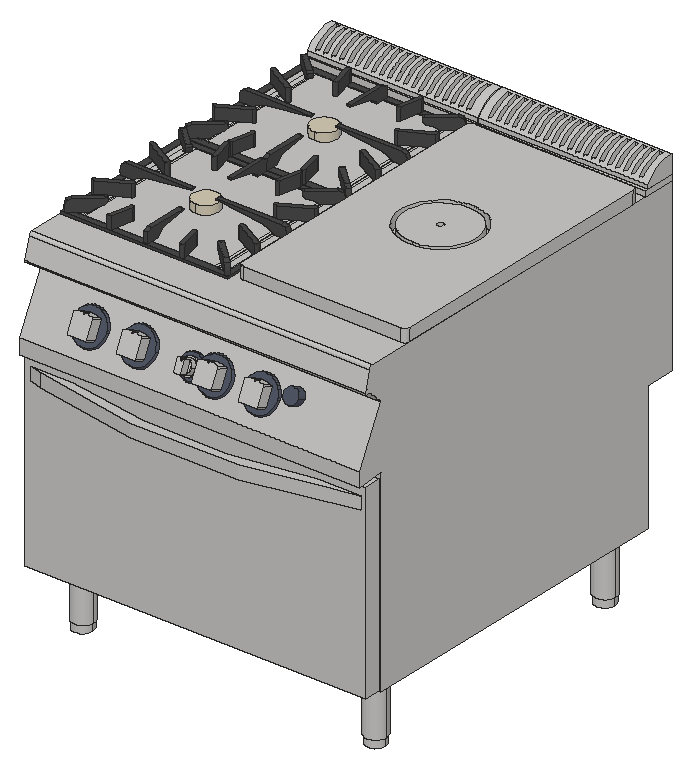
Revit family "QF_ZANUSSI_392264_Z9STGH10GA", category Specialty Equipment, Revit 2018 (continued)
Automatic sketch dimensions
  curve 185 to curve 184 = 1.333 mm
  curve 194 to curve 192 = 1.333 mm
  curve 247 to curve 241 = 1.333 mm
  curve 210 to curve 209 = 1.333 mm
  curve 242 to curve 243 = 2.779 mm
  curve 200 to curve 201 = 2.779 mm
  curve 249 to curve 250 = 2.779 mm
  curve 258 to curve 259 = 2.779 mm
  curve 233 to curve 234 = 2.779 mm
  curve 184 to curve 185 = 2.779 mm
  curve 209 to curve 210 = 2.779 mm
  curve 193 to curve 194 = 2.779 mm
  curve 261 to plane 5 "FRONT" = 7.894 mm
  curve 187 to plane 5 "FRONT" = 7.894 mm
  curve 212 to plane 5 "FRONT" = 7.894 mm
  curve 245 to plane 5 "FRONT" = 7.894 mm
  curve 252 to plane 5 "FRONT" = 7.894 mm
  curve 196 to plane 5 "FRONT" = 7.894 mm
  curve 203 to plane 5 "FRONT" = 7.894 mm
  curve 236 to plane 5 "FRONT" = 7.894 mm
  curve 225 to plane 5 "FRONT" = 13.86 mm
  curve 238 to curve 235 = 41.91 mm
  curve 235 to curve 244 = 0 mm
  curve 254 to curve 251 = 41.91 mm
  curve 251 to curve 260 = 0 mm
  curve 206 to curve 211 = 41.91 mm
  curve 202 to curve 211 = 0 mm
  curve 190 to curve 195 = 41.91 mm
  curve 186 to curve 195 = 0 mm
  curve 251 to curve 248 = 9.809 mm
  curve 253 to curve 252 = 0.284 mm
  curve 261 to curve 262 = 0.284 mm
  curve 257 to curve 260 = 9.809 mm
  curve 235 to curve 232 = 9.809 mm
  curve 237 to curve 236 = 0.284 mm
  curve 245 to curve 245 = 0.284 mm
  curve 241 to curve 244 = 9.809 mm
  curve 224 to curve 224 = 1.229 mm
  plane 5 "FRONT" to curve 229 = 0.129 mm
  curve 224 to curve 229 = 1.675 mm
  curve 224 to curve 224 = 0.445 mm
  curve 225 to curve 225 = 1.675 mm
  plane 5 "FRONT" to curve 226 = 0.129 mm
  curve 226 to plane 7 "Center Y" = 11.954 mm
  curve 225 to curve 225 = 0.445 mm
  plane 7 "Center Y" to curve 186 = 2.24 mm
  plane 7 "Center Y" to curve 266 = 6.3 mm
  curve 188 to curve 187 = 0.284 mm
  curve 196 to curve 196 = 0.284 mm
  curve 192 to curve 195 = 9.809 mm
  plane 8 "Center X" to curve 266 = 24.4 mm
  curve 266 to curve 268 = 93.133 mm
  curve 202 to curve 199 = 9.809 mm
  curve 203 to curve 203 = 0.284 mm
  curve 212 to curve 213 = 0.284 mm
  curve 208 to curve 211 = 9.809 mm
  curve 211 to curve 231 = 28.904 mm
  curve 231 to curve 231 = 16.26 mm
  curve 231 to curve 231 = 1.74 mm
  plane 8 "Center X" to curve 267 = 24.4 mm
  curve 268 to curve 267 = 92.86 mm
  curve 267 to plane 4 "RIGHT" = 35 mm
  plane 5 "FRONT" to curve 228 = 0.129 mm
  plane 5 "FRONT" to curve 264 = 0.129 mm
  plane 5 "FRONT" to curve 227 = 0.129 mm
  plane 5 "FRONT" to curve 265 = 0.129 mm
  curve 203 to curve 203 = 0.567 mm
  curve 245 to curve 245 = 0.567 mm
  curve 252 to curve 252 = 0.567 mm
  curve 187 to curve 187 = 0.567 mm
  curve 212 to curve 212 = 0.567 mm
  curve 236 to curve 236 = 0.567 mm
  curve 261 to curve 261 = 0.567 mm
  curve 196 to curve 196 = 0.567 mm
  curve 212 to curve 211 = 1.156 mm
  curve 197 to curve 195 = 1.156 mm
  curve 188 to curve 186 = 1.156 mm
  curve 236 to curve 235 = 1.156 mm
  curve 245 to curve 244 = 1.156 mm
  curve 262 to curve 260 = 1.156 mm
  curve 203 to curve 202 = 1.156 mm
  curve 252 to curve 251 = 1.156 mm
  curve 224 to curve 224 = 0.083 mm
  curve 225 to curve 225 = 0.083 mm
  curve 230 to plane 5 "FRONT" = 14.871 mm
  curve 197 to curve 191 = 3.441 mm
  curve 202 to curve 199 = 4.292 mm
  curve 251 to curve 248 = 4.292 mm
  curve 204 to curve 205 = 3.441 mm
  curve 253 to curve 254 = 3.441 mm
  curve 205 to curve 207 = 0 mm
  curve 211 to curve 208 = 4.292 mm
  curve 244 to curve 241 = 4.292 mm
  curve 254 to curve 256 = 0 mm
  curve 260 to curve 257 = 4.292 mm
  curve 246 to curve 240 = 3.441 mm
  curve 238 to curve 240 = 0 mm
  curve 189 to curve 191 = 0 mm
  curve 235 to curve 232 = 4.292 mm
  curve 186 to curve 183 = 4.292 mm
  curve 195 to curve 192 = 4.292 mm
  curve 231 to curve 231 = 3.434 mm
  plane 5 "FRONT" to curve 91 = 0 mm
  curve 3 to plane 4 "RIGHT" = 0 mm
  plane 1 "BACK" to curve 92 = 0 mm
  curve 92 to plane 7 "Center Y" = 0 mm
  curve 8 to plane 3 "LEFT" = 0 mm
  plane 5 "FRONT" to curve 89 = 0 mm
  plane 5 "FRONT" to curve 7 = 0 mm
  plane 5 "FRONT" to curve 4 = 0 mm
  plane 4 "RIGHT" to curve 91 = 100 mm
  curve 58 to plane 4 "RIGHT" = 14.847 mm
  curve 57 to curve 58 = 9.296 mm
  curve 59 to curve 64 = 9.397 mm
  curve 99 to plane 4 "RIGHT" = 35 mm
  curve 61 to curve 63 = 9.296 mm
  curve 99 to curve 100 = 12.7 mm
  curve 99 to curve 101 = 12.7 mm
  curve 63 to curve 65 = 9.397 mm
  curve 65 to curve 66 = 9.296 mm
  curve 67 to curve 69 = 9.397 mm
  curve 69 to curve 70 = 9.296 mm
  curve 70 to curve 73 = 9.397 mm
  curve 73 to curve 76 = 9.296 mm
  curve 74 to curve 77 = 9.397 mm
  curve 77 to curve 79 = 9.296 mm
  curve 78 to curve 81 = 9.397 mm
  curve 81 to curve 84 = 9.296 mm
  curve 83 to curve 88 = 9.397 mm
  curve 85 to curve 86 = 9.296 mm
  curve 86 to curve 14 = 9.397 mm
  curve 13 to curve 16 = 9.296 mm
  curve 14 to curve 18 = 9.397 mm
  curve 17 to curve 20 = 9.296 mm
  curve 18 to curve 22 = 9.397 mm
  curve 21 to curve 22 = 9.296 mm
  curve 22 to curve 26 = 9.397 mm
  curve 25 to curve 27 = 9.296 mm
  curve 26 to curve 29 = 9.397 mm
  curve 29 to curve 31 = 9.296 mm
  curve 31 to curve 33 = 9.397 mm
  curve 33 to curve 34 = 9.296 mm
  curve 34 to curve 37 = 9.397 mm
  curve 37 to curve 39 = 9.296 mm
  curve 38 to curve 41 = 9.397 mm
  curve 41 to curve 43 = 9.296 mm
  curve 43 to curve 48 = 9.397 mm
  curve 45 to curve 47 = 9.296 mm
  curve 46 to curve 49 = 9.397 mm
  curve 49 to curve 50 = 9.296 mm
  curve 51 to curve 56 = 9.397 mm
  curve 53 to curve 55 = 9.296 mm
  curve 55 to curve 12 = 9.397 mm
  curve 9 to curve 11 = 9.296 mm
  plane 7 "Center Y" to curve 97 = 19 mm
  plane 7 "Center Y" to curve 96 = 19 mm
  plane 7 "Center Y" to curve 94 = 6.3 mm
  curve 103 to plane 7 "Center Y" = 20.698 mm
  curve 104 to curve 102 = 9.296 mm
  curve 102 to curve 147 = 9.397 mm
  curve 147 to curve 147 = 9.296 mm
  curve 146 to curve 145 = 9.397 mm
  curve 144 to curve 145 = 9.296 mm
  curve 142 to curve 141 = 9.397 mm
  curve 140 to curve 141 = 9.296 mm
  curve 138 to curve 135 = 9.397 mm
  curve 136 to curve 134 = 9.296 mm
  curve 134 to curve 132 = 9.397 mm
  curve 131 to curve 130 = 9.296 mm
  curve 130 to curve 128 = 9.397 mm
  curve 128 to curve 129 = 9.296 mm
  curve 126 to curve 125 = 9.397 mm
  curve 124 to curve 125 = 9.296 mm
  curve 122 to curve 120 = 9.397 mm
  curve 119 to curve 118 = 9.296 mm
  curve 118 to curve 115 = 9.397 mm
  curve 116 to curve 114 = 9.296 mm
  curve 114 to curve 112 = 9.397 mm
  curve 111 to curve 111 = 9.296 mm
  curve 110 to curve 107 = 9.397 mm
  curve 107 to curve 107 = 9.296 mm
  curve 106 to curve 180 = 9.397 mm
  curve 179 to curve 179 = 9.296 mm
  curve 178 to curve 175 = 9.397 mm
  curve 175 to curve 175 = 9.296 mm
  curve 174 to curve 171 = 9.397 mm
  curve 171 to curve 171 = 9.296 mm
  curve 170 to curve 167 = 9.397 mm
  curve 167 to curve 167 = 9.296 mm
  curve 166 to curve 165 = 9.397 mm
  curve 163 to curve 163 = 9.296 mm
  curve 162 to curve 160 = 9.397 mm
  curve 159 to curve 159 = 9.296 mm
  curve 158 to curve 155 = 9.397 mm
  curve 156 to curve 157 = 9.296 mm
  curve 154 to curve 153 = 9.397 mm
  curve 151 to curve 151 = 9.296 mm
  curve 89 to plane 3 "LEFT" = 100 mm
  curve 89 to plane 1 "BACK" = 100 mm
  plane 1 "BACK" to curve 161 = 6.761 mm
  plane 1 "BACK" to curve 178 = 6.761 mm
  plane 1 "BACK" to curve 162 = 6.761 mm
  plane 1 "BACK" to curve 9 = 6.761 mm
  plane 1 "BACK" to curve 157 = 6.761 mm
  plane 1 "BACK" to curve 13 = 6.761 mm
  plane 1 "BACK" to curve 153 = 6.761 mm
  plane 1 "BACK" to curve 17 = 6.761 mm
  plane 1 "BACK" to curve 149 = 6.761 mm
  plane 1 "BACK" to curve 21 = 6.761 mm
  plane 1 "BACK" to curve 145 = 6.761 mm
  plane 1 "BACK" to curve 25 = 6.761 mm
  plane 1 "BACK" to curve 141 = 6.761 mm
  plane 1 "BACK" to curve 29 = 6.761 mm
  plane 1 "BACK" to curve 137 = 6.761 mm
  plane 1 "BACK" to curve 33 = 6.761 mm
  plane 1 "BACK" to curve 133 = 6.761 mm
  plane 1 "BACK" to curve 37 = 6.761 mm
  plane 1 "BACK" to curve 129 = 6.761 mm
  plane 1 "BACK" to curve 41 = 6.761 mm
  plane 1 "BACK" to curve 125 = 6.761 mm
  plane 1 "BACK" to curve 45 = 6.761 mm
  plane 1 "BACK" to curve 121 = 6.761 mm
  plane 1 "BACK" to curve 49 = 6.761 mm
  plane 1 "BACK" to curve 117 = 6.761 mm
  plane 1 "BACK" to curve 53 = 6.761 mm
  plane 1 "BACK" to curve 113 = 6.761 mm
  plane 1 "BACK" to curve 57 = 6.761 mm
  plane 1 "BACK" to curve 109 = 6.761 mm
  plane 1 "BACK" to curve 61 = 6.761 mm
  plane 1 "BACK" to curve 105 = 6.761 mm
  plane 1 "BACK" to curve 65 = 6.761 mm
  plane 1 "BACK" to curve 168 = 6.761 mm
  plane 1 "BACK" to curve 69 = 6.761 mm
  plane 1 "BACK" to curve 170 = 6.761 mm
  plane 1 "BACK" to curve 73 = 6.761 mm
  plane 1 "BACK" to curve 174 = 6.761 mm
  plane 1 "BACK" to curve 77 = 6.761 mm
  plane 1 "BACK" to curve 81 = 6.761 mm
  plane 1 "BACK" to curve 88 = 6.761 mm
  curve 87 to curve 86 = 57.15 mm
  curve 85 to curve 83 = 0 mm
  curve 81 to curve 79 = 0 mm
  curve 180 to curve 180 = 57.15 mm
  curve 77 to curve 75 = 0 mm
  curve 176 to curve 178 = 0 mm
  curve 73 to curve 71 = 0 mm
  curve 172 to curve 174 = 0 mm
  curve 69 to curve 67 = 0 mm
  curve 168 to curve 170 = 0 mm
  curve 102 to curve 102 = 57.15 mm
  curve 65 to curve 63 = 0 mm
  curve 179 to curve 106 = 0 mm
  curve 61 to curve 59 = 0 mm
  curve 107 to curve 110 = 0 mm
  curve 55 to curve 55 = 57.15 mm
  curve 111 to curve 114 = 0 mm
  curve 53 to curve 51 = 0 mm
  curve 115 to curve 118 = 0 mm
  curve 49 to curve 47 = 0 mm
  curve 119 to curve 122 = 0 mm
  curve 45 to curve 43 = 0 mm
  curve 123 to curve 126 = 0 mm
  curve 41 to curve 39 = 0 mm
  curve 127 to curve 130 = 0 mm
  curve 37 to curve 35 = 0 mm
  curve 131 to curve 134 = 0 mm
  curve 33 to curve 31 = 0 mm
  curve 135 to curve 138 = 0 mm
  curve 29 to curve 27 = 0 mm
  curve 139 to curve 142 = 0 mm
  curve 25 to curve 23 = 0 mm
  curve 143 to curve 146 = 0 mm
  curve 21 to curve 19 = 0 mm
  curve 150 to curve 150 = 57.15 mm
  curve 17 to curve 15 = 0 mm
  curve 151 to curve 154 = 0 mm
  curve 11 to curve 54 = 0 mm
  curve 155 to curve 158 = 0 mm
  curve 164 to curve 166 = 0 mm
  curve 97 to plane 11 = 26 mm
  curve 99 to plane 12 = 31.5 mm
  curve 2 to plane 13 = 0.129 mm
  curve 57 to curve 93 = 5.939 mm
  curve 5 to curve 6 = 6.35 mm
  Revolve 1 sketch curve to plane 9 "Base" = 0 mm  (x2)
  Revolve 1 sketch curve to level = 0 mm
  plane 3 "LEFT" to Revolve 1 sketch curve = 30.6 mm
  Revolve 1 sketch curve to Revolve 1 sketch curve = 2.5 mm
  Revolve 1 sketch curve to Revolve 1 sketch curve = 25.4 mm
  level to Revolve 1 sketch curve = 19.05 mm
  Revolve 1 sketch curve to Revolve 1 sketch curve = 0 mm
  plane 9 "Base" to Revolve 1 sketch curve = 20 mm
  Revolve 2 sketch curve to plane 9 "Base" = 0 mm  (x2)
  Revolve 2 sketch curve to level = 0 mm
  plane 3 "LEFT" to Revolve 2 sketch curve = 30.6 mm
  Revolve 2 sketch curve to Revolve 2 sketch curve = 2.5 mm
  Revolve 2 sketch curve to Revolve 2 sketch curve = 25.4 mm
  level to Revolve 2 sketch curve = 19.05 mm
  Revolve 2 sketch curve to Revolve 2 sketch curve = 0 mm
  plane 9 "Base" to Revolve 2 sketch curve = 20 mm
  Revolve 3 sketch curve to plane 9 "Base" = 0 mm  (x2)
  Revolve 3 sketch curve to level = 0 mm
  Revolve 3 sketch curve to plane 4 "RIGHT" = 30.6 mm
  Revolve 3 sketch curve to Revolve 3 sketch curve = 2.5 mm
  Revolve 3 sketch curve to Revolve 3 sketch curve = 25.4 mm
  level to Revolve 3 sketch curve = 19.05 mm
  Revolve 3 sketch curve to Revolve 3 sketch curve = 0 mm
  plane 9 "Base" to Revolve 3 sketch curve = 20 mm
  Revolve 4 sketch curve to plane 9 "Base" = 0 mm  (x2)
  Revolve 4 sketch curve to level = 0 mm
  Revolve 4 sketch curve to plane 4 "RIGHT" = 30.6 mm
  Revolve 4 sketch curve to Revolve 4 sketch curve = 2.5 mm
  Revolve 4 sketch curve to Revolve 4 sketch curve = 25.4 mm
  level to Revolve 4 sketch curve = 19.05 mm
  Revolve 4 sketch curve to Revolve 4 sketch curve = 0 mm
  plane 9 "Base" to Revolve 4 sketch curve = 20 mm
  Extrusion 5 sketch curve to plane 5 "FRONT" = 0 mm
  Extrusion 5 sketch curve to plane 10 = 0 mm
  Extrusion 5 sketch curve to plane 9 "Base" = 0 mm
  Extrusion 5 sketch curve to plane 1 "BACK" = 0 mm
  Extrusion 5 sketch curve to plane 5 "FRONT" = 15 mm
  Extrusion 5 sketch curve to plane 5 "FRONT" = 15.116 mm
  Extrusion 5 sketch curve to Extrusion 5 sketch curve = 2.884 mm
  Extrusion 5 sketch curve to plane 10 = 7.474 mm
  Extrusion 5 sketch curve to plane 5 "FRONT" = 28.167 mm
  Extrusion 5 sketch curve to Extrusion 5 sketch curve = 10.198 mm
  Extrusion 5 sketch curve to Extrusion 5 sketch curve = 40 mm
  Extrusion 5 sketch curve to Extrusion 5 sketch curve = 1.355 mm
  Extrusion 5 sketch curve to Extrusion 5 sketch curve = 0.445 mm
  Extrusion 5 sketch curve to Extrusion 5 sketch curve = 5 mm
  Extrusion 5 sketch curve to Extrusion 5 sketch curve = 31.82 mm
  Extrusion 5 sketch curve to plane 11 = 54.562 mm
  plane 9 "Base" to Extrusion 5 sketch curve = 5 mm
  plane 9 "Base" to Extrusion 5 sketch curve = 300.038 mm
  Extrusion 5 sketch curve to Extrusion 5 sketch curve = 242.526 mm
  Extrusion 5 sketch curve to Extrusion 5 sketch curve = 5.508 mm
  Extrusion 5 sketch curve to Extrusion 5 sketch curve = 10.259 mm
  Extrusion 5 sketch curve to Extrusion 5 sketch curve = 35 mm
  Extrusion 5 sketch curve to Extrusion 5 sketch curve = 81.162 mm
  Extrusion 5 sketch curve to Extrusion 5 sketch curve = 49.342 mm
  Extrusion 5 sketch curve to Extrusion 5 sketch curve = 3 mm
  Extrusion 6 sketch curve to plane 10 = 0 mm
  Extrusion 6 sketch curve to plane 1 "BACK" = 0 mm
  plane 10 to Extrusion 6 sketch curve = 14.288 mm
  Extrusion 6 sketch curve to plane 11 = 49.8 mm
  Extrusion 7 sketch curve to plane 4 "RIGHT" = 14.847 mm
  Extrusion 7 sketch curve to Extrusion 7 sketch curve = 9.296 mm  (x20)
  Extrusion 7 sketch curve to Extrusion 7 sketch curve = 9.397 mm  (x19)
  plane 1 "BACK" to Extrusion 7 sketch curve = 6.761 mm  (x20)
  Extrusion 7 sketch curve to Extrusion 7 sketch curve = 57.15 mm
  Extrusion 7 sketch curve to Extrusion 7 sketch curve = 0 mm  (x19)
  Extrusion 8 sketch curve to plane 1 "BACK" = 0 mm
  Extrusion 8 sketch curve to plane 6 "TOP" = 0 mm
  plane 1 "BACK" to Extrusion 8 sketch curve = 1.769 mm
  plane 10 to Extrusion 8 sketch curve = 23.813 mm
  plane 1 "BACK" to Extrusion 8 sketch curve = 69.85 mm
  plane 10 to Extrusion 8 sketch curve = 14.288 mm
  plane 5 "FRONT" to Extrusion 10 sketch curve = 0 mm  (x2)
  Extrusion 10 sketch curve to plane 3 "LEFT" = 0 mm
  plane 1 "BACK" to Extrusion 10 sketch curve = 0 mm
  Extrusion 10 sketch curve to plane 4 "RIGHT" = 0 mm
  Extrusion 10 sketch curve to plane 3 "LEFT" = 100 mm
  plane 4 "RIGHT" to Extrusion 10 sketch curve = 100 mm
  Extrusion 10 sketch curve to plane 1 "BACK" = 100 mm
  Extrusion 11 sketch curve to Extrusion 11 sketch curve = 0 mm  (x2)
  Extrusion 11 sketch curve to plane 4 "RIGHT" = 0 mm
  Extrusion 11 sketch curve to plane 11 = 26 mm
  Extrusion 11 sketch curve to plane 11 = 13.3 mm
  Extrusion 11 sketch curve to Extrusion 11 sketch curve = 12.7 mm  (x2)
  plane 8 "Center X" to Extrusion 11 sketch curve = 27.413 mm
  Extrusion 11 sketch curve to Extrusion 11 sketch curve = 2.478 mm
  Extrusion 11 sketch curve to Extrusion 11 sketch curve = 0.351 mm
  Extrusion 11 sketch curve to Extrusion 11 sketch curve = 0.184 mm
  Extrusion 11 sketch curve to plane 4 "RIGHT" = 12.7 mm
  Extrusion 11 sketch curve to plane 12 = 31.5 mm
  Extrusion 11 sketch curve to plane 4 "RIGHT" = 196.753 mm
  Extrusion 11 sketch curve to Extrusion 11 sketch curve = 0.097 mm
  Extrusion 11 sketch curve to Extrusion 11 sketch curve = 0.12 mm
  Extrusion 11 sketch curve to Extrusion 11 sketch curve = 3.165 mm
  plane 7 "Center Y" to Extrusion 11 sketch curve = 19 mm
  Extrusion 11 sketch curve to Extrusion 11 sketch curve = 70.632 mm
  Extrusion 11 sketch curve to Extrusion 11 sketch curve = 8.451 mm
  plane 15 to Extrusion 11 sketch curve = 50.329 mm
  Extrusion 12 sketch curve to plane 15 = 0 mm
  Extrusion 12 sketch curve to plane 4 "RIGHT" = 43 mm
  plane 3 "LEFT" to Extrusion 13 sketch curve = 14.847 mm
  Extrusion 13 sketch curve to Extrusion 13 sketch curve = 9.296 mm  (x20)
  Extrusion 13 sketch curve to Extrusion 13 sketch curve = 9.397 mm  (x19)
  Extrusion 13 sketch curve to plane 11 = 62.089 mm  (x2)
  Extrusion 13 sketch curve to Extrusion 13 sketch curve = 0 mm  (x18)
  plane 1 "BACK" to Extrusion 13 sketch curve = 6.761 mm  (x20)
  Extrusion 14 sketch curve to plane 1 "BACK" = 0 mm
  Extrusion 14 sketch curve to plane 6 "TOP" = 0 mm
  plane 1 "BACK" to Extrusion 14 sketch curve = 1.769 mm
  plane 10 to Extrusion 14 sketch curve = 23.813 mm
  plane 1 "BACK" to Extrusion 14 sketch curve = 69.85 mm
  plane 10 to Extrusion 14 sketch curve = 14.288 mm
  Blend 15 sketch curve to plane 7 "Center Y" = 0 mm  (x2)
  Blend 15 sketch curve to plane 7 "Center Y" = 17.95 mm  (x2)
  plane 7 "Center Y" to Blend 15 sketch curve = 35.05 mm  (x2)
  Blend 15 sketch curve to Blend 15 sketch curve = 24.037 mm
  Blend 15 sketch curve to Blend 15 sketch curve = 0 mm
  plane 7 "Center Y" to Blend 15 sketch curve = 0.472 mm
  Blend 15 sketch curve to Blend 15 sketch curve = 21.086 mm
  Extrusion 16 sketch curve to plane 7 "Center Y" = 19.952 mm
  plane 7 "Center Y" to Extrusion 17 sketch curve = 12.05 mm
  Extrusion 17 sketch curve to Extrusion 17 sketch curve = 2.997 mm  (x3)
  Extrusion 17 sketch curve to Extrusion 17 sketch curve = 20.003 mm  (x2)
  Extrusion 17 sketch curve to Extrusion 17 sketch curve = 40.005 mm
  Extrusion 17 sketch curve to Extrusion 17 sketch curve = 5.399 mm
  Extrusion 17 sketch curve to Extrusion 17 sketch curve = 40.037 mm
  Extrusion 17 sketch curve to Extrusion 17 sketch curve = 0 mm  (x2)
  Split face 27 sketch curve to Split face 27 sketch curve = 2.545 mm
  Split face 27 sketch curve to Split face 27 sketch curve = 4.379 mm
  Split face 28 sketch curve to Split face 28 sketch curve = 0.816 mm  (x2)
  Split face 28 sketch curve to Split face 28 sketch curve = 2.828 mm
  Extrusion 18 sketch curve to plane 7 "Center Y" = 19.952 mm
  Extrusion 19 sketch curve to plane 7 "Center Y" = 36.844 mm
  Extrusion 19 sketch curve to Extrusion 19 sketch curve = 6.058 mm
  Extrusion 19 sketch curve to Extrusion 19 sketch curve = 0.01 mm  (x2)
  Extrusion 19 sketch curve to Extrusion 19 sketch curve = 8.895 mm
  Extrusion 19 sketch curve to plane 7 "Center Y" = 11.954 mm
  Extrusion 19 sketch curve to Extrusion 19 sketch curve = 2.827 mm  (x3)
  Extrusion 19 sketch curve to plane 7 "Center Y" = 3.059 mm
  Extrusion 19 sketch curve to Extrusion 19 sketch curve = 0 mm
  Extrusion 19 sketch curve to Extrusion 19 sketch curve = 15.163 mm
  Extrusion 19 sketch curve to Extrusion 19 sketch curve = 15.173 mm
  Extrusion 20 sketch curve to plane 5 "FRONT" = 9.329 mm
  Extrusion 20 sketch curve to plane 10 = 112.016 mm
  Extrusion 20 sketch curve to Extrusion 20 sketch curve = 3 mm
  Extrusion 20 sketch curve to Extrusion 20 sketch curve = 0 mm  (x2)
  Extrusion 20 sketch curve to Extrusion 20 sketch curve = 1 mm
  Extrusion 20 sketch curve to Extrusion 20 sketch curve = 15 mm
  Extrusion 21 sketch curve to Extrusion 21 sketch curve = 0 mm  (x2)
  Extrusion 21 sketch curve to plane 5 "FRONT" = 15.005 mm
  Extrusion 21 sketch curve to plane 10 = 123.007 mm
  Extrusion 21 sketch curve to Extrusion 21 sketch curve = 1 mm
  Extrusion 21 sketch curve to Extrusion 21 sketch curve = 2.764 mm
  Extrusion 21 sketch curve to Extrusion 21 sketch curve = 2.616 mm
  Extrusion 21 sketch curve to Extrusion 21 sketch curve = 12.193 mm
  Extrusion 22 sketch curve to plane 4 "RIGHT" = 177.477 mm
  Extrusion 23 sketch curve to plane 4 "RIGHT" = 177.477 mm
  plane 3 "LEFT" to Blend 24 sketch curve = 142.5 mm  (x2)
  plane 3 "LEFT" to Extrusion 25 sketch curve = 119.5 mm
  Extrusion 25 sketch curve to Extrusion 25 sketch curve = 2.997 mm  (x3)
  Extrusion 25 sketch curve to Extrusion 25 sketch curve = 20.003 mm  (x2)
  Extrusion 25 sketch curve to Extrusion 25 sketch curve = 40.005 mm
  Extrusion 25 sketch curve to Extrusion 25 sketch curve = 5.399 mm
  Extrusion 25 sketch curve to Extrusion 25 sketch curve = 40.037 mm
  Extrusion 25 sketch curve to Extrusion 25 sketch curve = 0 mm  (x2)
  Extrusion 26 sketch curve to plane 5 "FRONT" = 9.329 mm
  Extrusion 26 sketch curve to plane 10 = 112.016 mm
  Extrusion 26 sketch curve to Extrusion 26 sketch curve = 3 mm
  Extrusion 26 sketch curve to Extrusion 26 sketch curve = 0 mm  (x2)
  Extrusion 26 sketch curve to Extrusion 26 sketch curve = 1 mm
  Extrusion 26 sketch curve to Extrusion 26 sketch curve = 15 mm
  plane 3 "LEFT" to Extrusion 27 sketch curve = 125 mm
  Extrusion 27 sketch curve to Extrusion 27 sketch curve = 35 mm  (x2)
  Extrusion 28 sketch curve to plane 5 "FRONT" = 9.329 mm
  Extrusion 28 sketch curve to plane 10 = 112.016 mm
  Extrusion 28 sketch curve to Extrusion 28 sketch curve = 3 mm
  Extrusion 28 sketch curve to Extrusion 28 sketch curve = 0 mm
  Extrusion 28 sketch curve to Extrusion 28 sketch curve = 1 mm  (x2)
  Extrusion 28 sketch curve to Extrusion 28 sketch curve = 15 mm
  Extrusion 29 sketch curve to plane 7 "Center Y" = 125 mm
  Extrusion 29 sketch curve to Extrusion 29 sketch curve = 35 mm  (x2)
  Blend 30 sketch curve to plane 7 "Center Y" = 142.5 mm  (x2)
  Extrusion 31 sketch curve to plane 7 "Center Y" = 119.5 mm
  Extrusion 31 sketch curve to Extrusion 31 sketch curve = 2.997 mm  (x3)
  Extrusion 31 sketch curve to Extrusion 31 sketch curve = 20.003 mm  (x2)
  Extrusion 31 sketch curve to Extrusion 31 sketch curve = 40.005 mm
  Extrusion 31 sketch curve to Extrusion 31 sketch curve = 0 mm  (x2)
  Extrusion 31 sketch curve to Extrusion 31 sketch curve = 40.037 mm
  Extrusion 31 sketch curve to Extrusion 31 sketch curve = 5.399 mm
  Split face 30 sketch curve to Split face 30 sketch curve = 6 mm
  Split face 30 sketch curve to Split face 30 sketch curve = 10 mm
  Split face 31 sketch curve to Split face 31 sketch curve = 5 mm
  Split face 31 sketch curve to Split face 31 sketch curve = 9 mm
  Split face 32 sketch curve to Split face 32 sketch curve = 5 mm
  Split face 33 sketch curve to Split face 33 sketch curve = 5 mm
  Split face 34 sketch curve to Split face 34 sketch curve = 6 mm
  Split face 34 sketch curve to Split face 34 sketch curve = 10 mm
  Split face 35 sketch curve to Split face 35 sketch curve = 5 mm
  Split face 35 sketch curve to Split face 35 sketch curve = 9 mm
  Split face 36 sketch curve to Split face 36 sketch curve = 5 mm
  Split face 37 sketch curve to Split face 37 sketch curve = 5 mm
  curve 216 to plane 7 "Center Y" = 11.954 mm
  curve 216 to curve 223 = 7.998 mm
  curve 223 to curve 215 = 15.995 mm
  curve 223 to plane 5 "FRONT" = 17.937 mm
  plane 5 "FRONT" to curve 216 = 10.977 mm
  curve 219 to curve 219 = 2.259 mm
  curve 218 to curve 219 = 0.319 mm
  curve 218 to curve 216 = 3.717 mm
  curve 219 to curve 218 = 1.423 mm
  curve 222 to plane 7 "Center Y" = 3.949 mm
  curve 218 to curve 223 = 0.001 mm
  curve 218 to curve 217 = 0.001 mm
  plane 5 "FRONT" to curve 220 = 0.716 mm
  curve 220 to curve 220 = 0.865 mm
  curve 220 to plane 5 "FRONT" = 1.976 mm
  curve 220 to curve 217 = 0.141 mm
  curve 215 to curve 217 = 3.718 mm
  curve 218 to curve 217 = 0 mm
  curve 223 to curve 218 = 2.937 mm
  curve 223 to curve 217 = 2.937 mm
  curve 218 to curve 222 = 0 mm
  curve 221 to curve 217 = 0 mm
  curve 218 to curve 216 = 1.224 mm
  curve 217 to curve 215 = 1.224 mm
  curve 221 to curve 221 = 4.847 mm
  curve 223 to curve 217 = 7.784 mm
  curve 221 to curve 218 = 0.003 mm
  curve 222 to curve 222 = 4.85 mm
  curve 218 to curve 219 = 0.047 mm
  Extrusion 32 sketch curve to plane 4 "RIGHT" = 42.9 mm
  Extrusion 32 sketch curve to plane 12 = 26 mm
  Extrusion 33 sketch curve to plane 13 = 0.028 mm
  plane 9 "Base" to Extrusion 33 sketch curve = 5 mm
  Extrusion 33 sketch curve to plane 5 "FRONT" = 15 mm
  plane 9 "Base" to Extrusion 33 sketch curve = 6.461 mm
  Extrusion 33 sketch curve to Extrusion 33 sketch curve = 36.025 mm
  Extrusion 34 sketch curve to Extrusion 34 sketch curve = 0 mm  (x6)
  Extrusion 34 sketch curve to plane 7 "Center Y" = 0 mm
  Extrusion 34 sketch curve to plane 5 "FRONT" = 15 mm  (x2)
  Extrusion 34 sketch curve to plane 4 "RIGHT" = 103.605 mm
  Extrusion 34 sketch curve to plane 4 "RIGHT" = 10 mm
  Extrusion 34 sketch curve to plane 1 "BACK" = 337.5 mm
  Extrusion 34 sketch curve to plane 5 "FRONT" = 4.65 mm
  plane 7 "Center Y" to Blend 35 sketch curve = 144.55 mm  (x2)
  plane 7 "Center Y" to Extrusion 36 sketch curve = 121.55 mm
  Extrusion 36 sketch curve to Extrusion 36 sketch curve = 2.997 mm  (x3)
  Extrusion 36 sketch curve to Extrusion 36 sketch curve = 20.003 mm  (x2)
  Extrusion 36 sketch curve to Extrusion 36 sketch curve = 40.005 mm
  Extrusion 36 sketch curve to Extrusion 36 sketch curve = 5.399 mm
  Extrusion 36 sketch curve to Extrusion 36 sketch curve = 40.037 mm
  Extrusion 36 sketch curve to Extrusion 36 sketch curve = 0 mm  (x2)
  Extrusion 37 sketch curve to plane 5 "FRONT" = 9.329 mm
  Extrusion 37 sketch curve to plane 10 = 112.016 mm
  Extrusion 37 sketch curve to Extrusion 37 sketch curve = 3 mm
  Extrusion 37 sketch curve to Extrusion 37 sketch curve = 0 mm  (x2)
  Extrusion 37 sketch curve to Extrusion 37 sketch curve = 1 mm
  Extrusion 37 sketch curve to Extrusion 37 sketch curve = 15 mm
  plane 7 "Center Y" to Extrusion 38 sketch curve = 127.05 mm
  Extrusion 38 sketch curve to Extrusion 38 sketch curve = 35 mm  (x2)
  Split face 46 sketch curve to Split face 46 sketch curve = 6 mm
  Split face 46 sketch curve to Split face 46 sketch curve = 10 mm
  Split face 47 sketch curve to Split face 47 sketch curve = 5 mm
  Split face 47 sketch curve to Split face 47 sketch curve = 9 mm
  Split face 48 sketch curve to Split face 48 sketch curve = 5 mm
  Split face 49 sketch curve to Split face 49 sketch curve = 5 mm
  radius of Extrusion 9 sketch curve = 6.4 mm
  radius of Extrusion 11 sketch curve = 82.55 mm
  radius of Extrusion 11 sketch curve = 7 mm
  radius of Extrusion 12 sketch curve = 12.7 mm
  radius of Extrusion 16 sketch curve = 20 mm
  radius of Split face 1 sketch curve = 1 mm
  radius of Split face 2 sketch curve = 1 mm
  radius of Split face 3 sketch curve = 1 mm
  radius of Split face 4 sketch curve = 1 mm
  radius of Split face 5 sketch curve = 1 mm
  radius of Split face 6 sketch curve = 1 mm
  radius of Split face 7 sketch curve = 1 mm
  radius of Split face 8 sketch curve = 1 mm
  radius of Split face 9 sketch curve = 1 mm
  radius of Split face 10 sketch curve = 1 mm
  radius of Split face 11 sketch curve = 1 mm
  radius of Split face 12 sketch curve = 1 mm
  radius of Split face 13 sketch curve = 1 mm
  radius of Split face 14 sketch curve = 1 mm
  radius of Split face 15 sketch curve = 1 mm
  radius of Split face 16 sketch curve = 1 mm
  radius of Split face 17 sketch curve = 1 mm
  radius of Split face 18 sketch curve = 1 mm
  radius of Split face 19 sketch curve = 1 mm
  radius of Split face 20 sketch curve = 1 mm
  radius of Split face 21 sketch curve = 1 mm
  radius of Split face 22 sketch curve = 1 mm
  radius of Split face 23 sketch curve = 1 mm
  radius of Split face 24 sketch curve = 1 mm
  radius of Split face 25 sketch curve = 1.508 mm
  radius of Split face 26 sketch curve = 1.343 mm
  radius of Extrusion 18 sketch curve = 16 mm
  radius of Extrusion 22 sketch curve = 18 mm
  radius of Extrusion 23 sketch curve = 15 mm
  radius of Blend 24 sketch curve = 42.5 mm
  radius of Blend 24 sketch curve = 40.5 mm
  radius of Split face 29 sketch curve = 3 mm
  radius of Blend 30 sketch curve = 42.5 mm
  radius of Blend 30 sketch curve = 40.5 mm
  radius of Split face 38 sketch curve = 1.5 mm
  radius of Split face 39 sketch curve = 2.029 mm
  radius of Split face 40 sketch curve = 2.031 mm
  radius of Split face 41 sketch curve = 3.497 mm
  radius of Split face 42 sketch curve = 3.497 mm
  radius of Split face 43 sketch curve = 3 mm
  radius of Split face 44 sketch curve = 1.5 mm
  radius of Extrusion 32 sketch curve = 6.4 mm
  radius of Blend 35 sketch curve = 42.5 mm
  radius of Blend 35 sketch curve = 40.5 mm
  radius of Split face 45 sketch curve = 3 mm
  radius of Split face 50 sketch curve = 1.5 mm
  radius of Split face 51 sketch curve = 2.029 mm
  radius of Split face 52 sketch curve = 3.497 mm
Nested families
  nested 1: "QF_392020_BURNER" at (0, -440.6, 0), type "QF_392020_BURNER"
    with Type Mark "", Status "", Specification by User "", Revision Code "", Item Number "", Installed By "", Identify Quantity as Lot yes, Furnished By "", Foodservice Equipment Identifier yes
  nested 2: "QF_392020_BURNER" at (0, -440.6, 0), type "QF_392020_BURNER"
    with Type Mark "", Status "", Specification by User "", Revision Code "", Item Number "", Installed By "", Identify Quantity as Lot yes, Furnished By "", Foodservice Equipment Identifier yes
Connectors
  piping at (747.612, -663.871, 129), diameter 12.8
    settings: on Extrusion 9, index 1, connector inside diameter 0.50394", connector length 0 mm, flow factor 0, pipe flow 0 GPM, pressure drop 0.00 psi, fitting loss kfactor 0, connector angle 0.00°, fixture units 0, engagement length 0 mm, angle of deflection 0.00°, flow configuration 1, flow direction 1, fitting loss method 0, system type 7, joint type 0, gender type 0, connector reference index -1, connector utility 0, adjustable connector no, is connector primary yes, connector description "GAS CONNECTION"
Definition of nested family "QF_392020_BURNER"
  Parameters
    Weight in Pounds = 0
    URL Cutsheet = ""
    URL = "www.electrolux.com"
    Type Mark [instance] = ""
    Status [instance] = ""
    Specification by User [instance] = ""
    Specification by Manufacturer = ""
    Show Clearance [instance] = yes
    Serial Number = ""
    Seismic Rating = ""
    SMACNA No = ""
    Revision Code [instance] = ""
    Omniclass Number and Title = ""
    NAFEM Spec ID Number = ""
    Model = "371009"
    Masterspec = ""
    Manufacturer = "ELECTROLUX"
    Item Number [instance] = ""
    Installed By [instance] = ""
    Identify Quantity as Lot [instance] = yes
    Furnished By [instance] = ""
    Foodservice Equipment Identifier [instance] = yes
    Description = ""
    CSI MasterFormat = ""
    CSI Master Format = ""
  Reference planes
    plane 1 "BACK": y = 0
    plane 2: z = 0
    plane 3 "LEFT": x = 0
    plane 4 "RIGHT": x = 393.7
    plane 5 "FRONT": y = -355.6
    plane 6 "TOP": z = 908.85
    plane 7 "Center Y": x = 196.85
    plane 8 "Center X": y = -177.8
    plane 9 "Base": z = 150
    plane 10: z = 850.85
  Forms (mm)
    Extrusion 1, solid
      sketch origin (-6.433, -404.961, 5) x (1, 0, 0) y (0, 0, -1)
        loop
          arc (7.142, -850.85) -> (6.739, -862.989) -> (9.761, -874.752) r 42.809
          line (9.761, -874.752) -> (19.961, -879.425) -> (173.122, -879.425)
          arc (173.122, -879.425) -> (174.316, -878.312) -> (173.289, -877.043) r 1.197
          line (173.289, -877.043) -> (64.848, -864.021)
          arc (64.848, -864.021) -> (50.111, -858.738) -> (36.589, -850.85) r 85.245
          line (36.589, -850.85) -> (7.142, -850.85)
        loop
          line (399.424, -850.85) -> (369.977, -850.85)
          arc (369.977, -850.85) -> (356.455, -858.738) -> (341.718, -864.021) r 85.245
          line (341.718, -864.021) -> (233.277, -877.043)
          arc (233.277, -877.043) -> (232.25, -878.312) -> (233.444, -879.425) r 1.197
          line (233.444, -879.425) -> (386.605, -879.425) -> (396.806, -874.752)
          arc (396.806, -874.752) -> (399.827, -862.989) -> (399.424, -850.85) r 42.809
      from 224.564 to 234.564
    Extrusion 2, solid
      sketch origin (196.85, 175.397, 1219.2) x (0, 1, 0) y (0, 0, 1)
        loop
          line (-204.463, -363.35) -> (-175.397, -363.35) -> (-175.397, -339.506)
          arc (-175.397, -339.506) -> (-181.025, -338.266) -> (-185.611, -334.775) r 13.39
          line (-185.611, -334.775) -> (-278.903, -334.775)
          arc (-278.903, -334.775) -> (-280.097, -335.888) -> (-279.07, -337.157) r 1.197
          line (-279.07, -337.157) -> (-227.151, -347.464)
          arc (-227.151, -347.464) -> (-213.741, -352.457) -> (-204.463, -363.35) r 28.426
        loop
          arc (-496.332, -363.35) -> (-487.053, -352.457) -> (-473.644, -347.464) r 28.426
          line (-473.644, -347.464) -> (-421.725, -337.157)
          arc (-421.725, -337.157) -> (-420.697, -335.888) -> (-421.891, -334.775) r 1.197
          line (-421.891, -334.775) -> (-515.184, -334.775)
          arc (-515.184, -334.775) -> (-519.769, -338.266) -> (-525.397, -339.506) r 13.39
          line (-525.397, -339.506) -> (-525.397, -363.35) -> (-496.332, -363.35)
      from -5 to 5
    Extrusion 3, solid
      sketch origin (-6.433, 367.064, 850.85) x (0, -1, 0) y (1, 0, 0)
        loop
          line (722.664, 6.433) -> (722.664, 400.133) -> (367.064, 400.133) -> (367.064, 6.433) -> (722.664, 6.433)
        loop
          line (382.064, 21.433) -> (707.664, 21.433) -> (707.664, 385.133) -> (382.064, 385.133) -> (382.064, 21.433)
      from 0 to 5
    Extrusion 4, solid
      sketch origin (-18.933, 367.064, 855.85) x (0, -1, 0) y (1, 0, 0)
        loop
          circle (541.667, 215.783) r 30
      from -1.321 to 17.134
    Extrusion 5, solid
      sketch origin (-6.433, -367.064, 0) x (1, 0, 0) y (0, 0, -1)
        loop
          line (21.433, -855.85) -> (36.589, -855.85)
          arc (36.589, -855.85) -> (40.561, -855.243) -> (44.305, -853.783) r 18.259
          arc (44.305, -853.783) -> (45.997, -853.366) -> (47.69, -853.783) r 3.649
          arc (47.69, -853.783) -> (49.901, -854.522) -> (52.232, -854.529) r 7.328
          line (52.232, -854.529) -> (354.334, -854.529)
          arc (354.334, -854.529) -> (356.666, -854.522) -> (358.877, -853.783) r 7.328
          arc (358.877, -853.783) -> (360.569, -853.366) -> (362.261, -853.783) r 3.649
          arc (362.261, -853.783) -> (366.005, -855.243) -> (369.977, -855.85) r 18.259
          line (369.977, -855.85) -> (385.133, -855.85) -> (385.133, -850.85) -> (21.433, -850.85) -> (21.433, -855.85)
      from 26.464 to 352.064
    Extrusion 6, solid
      sketch origin (83.284, -458.334, 5) x (0.742103, 0.670286, 0) y (0, 0, -1)
        loop
          arc (88.629, -864.012) -> (73.909, -858.731) -> (60.402, -850.85) r 85.245
          line (60.402, -850.85) -> (14.993, -850.85)
          arc (14.993, -850.85) -> (14.642, -862.948) -> (17.686, -874.663) r 42.876
          line (17.686, -874.663) -> (27.899, -879.425) -> (89.664, -879.425)
          arc (89.664, -879.425) -> (92.39, -878.352) -> (93.654, -875.709) r 4
          arc (93.654, -875.709) -> (92.562, -869.25) -> (88.629, -864.012) r 13.87
        loop
          arc (457.638, -864.012) -> (453.704, -869.25) -> (452.613, -875.709) r 13.87
          arc (452.613, -875.709) -> (453.876, -878.352) -> (456.603, -879.425) r 4
          line (456.603, -879.425) -> (518.367, -879.425) -> (528.581, -874.663)
          arc (528.581, -874.663) -> (531.624, -862.948) -> (531.273, -850.85) r 42.876
          line (531.273, -850.85) -> (485.865, -850.85)
          arc (485.865, -850.85) -> (472.357, -858.731) -> (457.638, -864.012) r 85.245
      from 127.064 to 137.064
    Extrusion 7, solid
      sketch origin (310.416, -458.334, 5) x (-0.742103, 0.670286, 0) y (0, 0, 1)
        loop
          arc (88.629, 864.012) -> (92.562, 869.25) -> (93.654, 875.709) r 13.87
          arc (93.654, 875.709) -> (92.39, 878.352) -> (89.664, 879.425) r 4
          line (89.664, 879.425) -> (27.899, 879.425) -> (17.686, 874.663)
          arc (17.686, 874.663) -> (14.642, 862.948) -> (14.993, 850.85) r 42.876
          line (14.993, 850.85) -> (60.402, 850.85)
          arc (60.402, 850.85) -> (73.909, 858.731) -> (88.629, 864.012) r 85.245
        loop
          arc (457.638, 864.012) -> (472.357, 858.731) -> (485.865, 850.85) r 85.245
          line (485.865, 850.85) -> (531.273, 850.85)
          arc (531.273, 850.85) -> (531.624, 862.948) -> (528.581, 874.663) r 42.876
          line (528.581, 874.663) -> (518.367, 879.425) -> (456.603, 879.425)
          arc (456.603, 879.425) -> (453.876, 878.352) -> (452.613, 875.709) r 4
          arc (452.613, 875.709) -> (453.704, 869.25) -> (457.638, 864.012) r 13.87
      from 127.064 to 137.064
    Extrusion 8, solid
      sketch origin (-6.433, 367.064, 855.85) x (0, -1, 0) y (1, 0, 0)
        loop
          arc (626.166, 9.428) -> (632.956, 7.454) -> (634.93, 14.244) r 5
          line (634.93, 14.244) -> (600.514, 76.878)
          arc (600.514, 76.878) -> (593.724, 78.852) -> (591.75, 72.062) r 5
          line (591.75, 72.062) -> (626.166, 9.428)
        loop
          line (463.562, 9.428) -> (497.977, 72.062)
          arc (497.977, 72.062) -> (496.003, 78.852) -> (489.213, 76.878) r 5
          line (489.213, 76.878) -> (454.798, 14.244)
          arc (454.798, 14.244) -> (456.772, 7.454) -> (463.562, 9.428) r 5
        loop
          line (626.166, 397.138) -> (591.75, 334.504)
          arc (591.75, 334.504) -> (593.724, 327.714) -> (600.514, 329.689) r 5
          line (600.514, 329.689) -> (634.93, 392.323)
          arc (634.93, 392.323) -> (632.956, 399.113) -> (626.166, 397.138) r 5
        loop
          arc (463.562, 397.138) -> (456.772, 399.113) -> (454.798, 392.323) r 5
          line (454.798, 392.323) -> (489.213, 329.689)
          arc (489.213, 329.689) -> (496.003, 327.714) -> (497.977, 334.504) r 5
          line (497.977, 334.504) -> (463.562, 397.138)
        loop
          line (715.14, 293.499) -> (666.703, 282.317)
          arc (666.703, 282.317) -> (662.956, 276.32) -> (668.953, 272.573) r 5
          line (668.953, 272.573) -> (717.389, 283.756)
          arc (717.389, 283.756) -> (721.136, 289.752) -> (715.14, 293.499) r 5
        loop
          arc (715.14, 113.067) -> (721.136, 116.814) -> (717.389, 122.811) r 5
          line (717.389, 122.811) -> (668.953, 133.993)
          arc (668.953, 133.993) -> (662.956, 130.246) -> (666.703, 124.249) r 5
          line (666.703, 124.249) -> (715.14, 113.067)
        loop
          arc (374.588, 293.499) -> (368.591, 289.752) -> (372.338, 283.756) r 5
          line (372.338, 283.756) -> (420.775, 272.573)
          arc (420.775, 272.573) -> (426.771, 276.32) -> (423.024, 282.317) r 5
          line (423.024, 282.317) -> (374.588, 293.499)
        loop
          line (374.588, 113.067) -> (423.024, 124.249)
          arc (423.024, 124.249) -> (426.771, 130.246) -> (420.775, 133.993) r 5
          line (420.775, 133.993) -> (372.338, 122.811)
          arc (372.338, 122.811) -> (368.591, 116.814) -> (374.588, 113.067) r 5
      from 0 to 28.575
  Lines and regions (mm)
    symbolic lines
      curve 1: line (0, -355.6, 150) -> (393.7, -355.6, 150)
      curve 2: line (0, 0, 150) -> (0, -355.6, 150)
      curve 3: line (393.7, -355.6, 150) -> (393.7, 0, 150)
      curve 4: line (369.633, -15, 150) -> (285.34, -15, 150)
      curve 5: line (24.067, -340.6, 150) -> (108.36, -340.6, 150)
      curve 6: line (157.475, -170.397, 150) -> (157.475, -15, 150)
      curve 7: line (236.225, -170.397, 150) -> (236.225, -15, 150)
      curve 8: line (201.85, -350, 150) -> (201.85, -176.674, 150)
      curve 9: line (0, -180.397, 150) -> (167.224, -180.397, 150)
      curve 10: line (393.7, -170.397, 150) -> (228.275, -170.397, 150)
      curve 11: line (15, -180.397, 150) -> (15, -252.506, 150)
      curve 12: line (45.799, -340.6, 150) -> (45.799, -320.971, 150)
      curve 13: line (167.224, -170.397, 150) -> (0, -170.397, 150)
      curve 14: line (228.275, -180.504, 150) -> (393.7, -180.504, 150)
      curve 15: arc (228.275, -170.397, 150) -> (223.221, -175.45, 150) -> (228.275, -180.504, 150) r 5.054
      curve 16: arc (167.224, -170.397, 150) -> (172.224, -175.397, 150) -> (167.224, -180.397, 150) r 5
      curve 17: line (191.85, -176.674, 150) -> (191.85, -350, 150)
      curve 18: line (201.85, -134.556, 150) -> (201.85, -0.794, 150)
      curve 19: arc (201.85, -176.674, 150) -> (196.85, -171.674, 150) -> (191.85, -176.674, 150) r 5
      curve 20: arc (201.85, -134.556, 150) -> (196.85, -139.556, 150) -> (191.85, -134.556, 150) r 5
      curve 21: line (191.85, -15, 150) -> (118.623, -15, 150)
      curve 22: arc (201.85, -29.042, 150) -> (213.272, -50.008, 150) -> (201.85, -70.973, 150) r 24.953
      curve 23: arc (213.086, -53.048, 150) -> (214.5, -50.008, 150) -> (213.086, -46.967, 150) r 3.975
      curve 24: arc (191.85, -29.852, 150) -> (181.339, -50.008, 150) -> (191.85, -70.163, 150) r 24.58
      curve 25: arc (181.527, -53.042, 150) -> (179.976, -50.008, 150) -> (181.527, -46.973, 150) r 3.745
      curve 26: line (191.85, -0.794, 150) -> (191.85, -134.556, 150)
      curve 27: line (191.85, -350, 150) -> (201.85, -350, 150)
      curve 28: line (191.85, -11.007, 150) -> (201.85, -11.007, 150)
      curve 29: line (191.85, -0.794, 150) -> (201.85, -0.794, 150)
      curve 30: line (201.85, -340.6, 150) -> (275.077, -340.6, 150)
      curve 31: arc (196.85, -145.397, 0) -> (166.955, -172.888, 0) -> (191.85, -204.977, 0) r 30
      curve 32: arc (201.85, -204.977, 0) -> (226.745, -172.888, 0) -> (196.85, -145.397, 0) r 30
      curve 33: arc (158.678, -180.397, 0) -> (170.734, -200.207, 0) -> (191.85, -209.795, 0) r 39.375
      curve 34: line (163.825, -170.397, 150) -> (163.825, -15, 150)
      curve 35: line (229.875, -170.397, 150) -> (229.875, -15, 150)
      curve 36: line (144.775, -170.397, 150) -> (144.775, -15, 150)
      curve 37: line (248.925, -170.397, 150) -> (248.925, -15, 150)
      curve 38: arc (145.678, -180.397, 0) -> (161.728, -209.187, 0) -> (191.85, -222.573, 0) r 52.075
      curve 39: arc (201.85, -209.795, 0) -> (222.966, -200.207, 0) -> (235.022, -180.397, 0) r 39.375
      curve 40: arc (201.85, -222.573, 0) -> (231.931, -209.224, 0) -> (248.001, -180.504, 0) r 52.075
      curve 41: line (393.7, 0, 0) -> (0, 0, 0)
      curve 42: line (70.445, -122.149, 0) -> (7.81, -87.734, 0)
      curve 43: arc (7.81, -87.734, 0) -> (1.021, -89.708, 0) -> (2.995, -96.498, 0) r 5
      curve 44: line (2.995, -96.498, 0) -> (65.629, -130.914, 0)
      curve 45: arc (65.629, -130.914, 0) -> (72.419, -128.939, 0) -> (70.445, -122.149, 0) r 5
      curve 46: line (65.629, -224.686, 0) -> (2.995, -259.102, 0)
      curve 47: arc (2.995, -259.102, 0) -> (1.021, -265.892, 0) -> (7.81, -267.866, 0) r 5
      curve 48: line (7.81, -267.866, 0) -> (70.445, -233.451, 0)
      curve 49: arc (70.445, -233.451, 0) -> (72.419, -226.661, 0) -> (65.629, -224.686, 0) r 5
      curve 50: line (323.255, -122.149, 0) -> (385.89, -87.734, 0)
      curve 51: arc (385.89, -87.734, 0) -> (392.679, -89.708, 0) -> (390.705, -96.498, 0) r 5
      curve 52: line (390.705, -96.498, 0) -> (328.071, -130.914, 0)
      curve 53: arc (328.071, -130.914, 0) -> (321.281, -128.939, 0) -> (323.255, -122.149, 0) r 5
      curve 54: line (328.071, -224.686, 0) -> (390.705, -259.102, 0)
      curve 55: arc (390.705, -259.102, 0) -> (392.679, -265.892, 0) -> (385.89, -267.866, 0) r 5
      curve 56: line (385.89, -267.866, 0) -> (323.255, -233.451, 0)
      curve 57: arc (323.255, -233.451, 0) -> (321.281, -226.661, 0) -> (328.071, -224.686, 0) r 5
      curve 58: line (118.623, -340.6, 150) -> (191.85, -340.6, 150)
      curve 59: line (285.34, -340.6, 150) -> (369.633, -340.6, 150)
      curve 60: line (378.7, -335.314, 0) -> (378.7, -263.916, 0)
      curve 61: line (1.326, -7.935, 0) -> (58.752, -59.804, 0)
      curve 62: line (65.455, -52.383, 0) -> (8.029, -0.514, 0)
      curve 63: arc (58.752, -59.804, 0) -> (65.814, -59.445, 0) -> (65.455, -52.383, 0) r 5
      curve 64: line (1.326, -7.935, 0) -> (8.029, -0.514, 0)
      curve 65: line (392.374, -7.935, 0) -> (334.948, -59.804, 0)
      curve 66: line (328.245, -52.383, 0) -> (385.671, -0.514, 0)
      curve 67: arc (334.948, -59.804, 0) -> (327.886, -59.445, 0) -> (328.245, -52.383, 0) r 5
      curve 68: line (392.374, -7.935, 0) -> (385.671, -0.514, 0)
      curve 69: line (392.374, -347.665, 0) -> (334.948, -295.796, 0)
      curve 70: line (328.245, -303.217, 0) -> (385.671, -355.086, 0)
      curve 71: arc (334.948, -295.796, 0) -> (327.886, -296.155, 0) -> (328.245, -303.217, 0) r 5
      curve 72: line (392.374, -347.665, 0) -> (385.671, -355.086, 0)
      curve 73: line (1.326, -347.665, 0) -> (58.752, -295.796, 0)
      curve 74: line (65.455, -303.217, 0) -> (8.029, -355.086, 0)
      curve 75: arc (58.752, -295.796, 0) -> (65.814, -296.155, 0) -> (65.455, -303.217, 0) r 5
      curve 76: line (1.326, -347.665, 0) -> (8.029, -355.086, 0)
      curve 77: line (347.901, -15, 0) -> (347.901, -34.629, 0)
      curve 78: line (347.901, -320.971, 0) -> (347.901, -340.6, 0)
      curve 79: line (378.7, -252.506, 0) -> (378.7, -180.397, 0)
      curve 80: line (347.901, -246.993, 0) -> (347.901, -307.496, 0)
      curve 81: line (378.7, -170.397, 0) -> (378.7, -103.094, 0)
      curve 82: line (347.901, -180.397, 0) -> (347.901, -235.582, 0)
      curve 83: line (378.7, -91.684, 0) -> (378.7, -20.286, 0)
      curve 84: line (347.901, -120.018, 0) -> (347.901, -170.397, 0)
      curve 85: line (347.901, -48.104, 0) -> (347.901, -108.607, 0)
      curve 86: line (275.077, -15, 150) -> (201.85, -15, 150)
      curve 87: line (108.36, -15, 150) -> (24.067, -15, 150)
      curve 88: line (45.799, -40, 150) -> (45.799, -15, 150)
      curve 89: line (45.799, -108.607, 150) -> (45.799, -40, 150)
      curve 90: line (15, -20.286, 0) -> (15, -91.684, 0)
      curve 91: line (15, -103.094, 0) -> (15, -170.397, 0)
      curve 92: line (45.799, -170.397, 150) -> (45.799, -120.018, 150)
      curve 93: line (45.799, -235.582, 150) -> (45.799, -180.397, 150)
      curve 94: line (15, -263.916, 150) -> (15, -335.314, 150)
      curve 95: line (45.799, -307.496, 150) -> (45.799, -246.993, 150)
      curve 96: line (116.378, -350.325, 0) -> (127.56, -301.889, 0)
      curve 97: arc (127.56, -301.889, 0) -> (123.813, -295.892, 0) -> (117.816, -299.64, 0) r 5
      curve 98: line (117.816, -299.64, 0) -> (106.634, -348.076, 0)
      curve 99: arc (106.634, -348.076, 0) -> (110.381, -354.072, 0) -> (116.378, -350.325, 0) r 5
      curve 100: line (266.14, -301.889, 0) -> (277.322, -350.325, 0)
      curve 101: arc (277.322, -350.325, 0) -> (283.319, -354.072, 0) -> (287.066, -348.076, 0) r 5
      curve 102: line (287.066, -348.076, 0) -> (275.884, -299.64, 0)
      curve 103: arc (275.884, -299.64, 0) -> (269.887, -295.892, 0) -> (266.14, -301.889, 0) r 5
      curve 104: line (275.884, -55.96, 0) -> (287.066, -7.524, 0)
      curve 105: arc (287.066, -7.524, 0) -> (283.319, -1.528, 0) -> (277.322, -5.275, 0) r 5
      curve 106: line (277.322, -5.275, 0) -> (266.14, -53.711, 0)
      curve 107: arc (266.14, -53.711, 0) -> (269.887, -59.708, 0) -> (275.884, -55.96, 0) r 5
      curve 108: line (127.56, -53.711, 0) -> (116.378, -5.275, 0)
      curve 109: arc (116.378, -5.275, 0) -> (110.381, -1.528, 0) -> (106.634, -7.524, 0) r 5
      curve 110: line (106.634, -7.524, 0) -> (117.816, -55.96, 0)
      curve 111: arc (117.816, -55.96, 0) -> (123.813, -59.708, 0) -> (127.56, -53.711, 0) r 5
  Dimensions and locks
    equal spacing: plane 3 "LEFT", plane 7 "Center Y", plane 4 "RIGHT"
    plane 3 "LEFT" to plane 4 "RIGHT" = 393.7 mm
    equal spacing: plane 5 "FRONT", plane 8 "Center X", plane 1 "BACK"
    plane 5 "FRONT" to plane 1 "BACK" = 355.6 mm
    plane 6 "TOP" to level = 908.85 mm
    plane 9 "Base" to level = 150 mm
    plane 6 "TOP" to plane 10 = 58 mm  (x2)
    locked: Extrusion 4 sketch curve to plane 7 "Center Y" at 0
    aligned and locked: level to plane 2
  Automatic sketch dimensions
    curve 10 to plane 4 "RIGHT" = 0 mm
    curve 20 to plane 7 "Center Y" = 0 mm
    curve 19 to plane 7 "Center Y" = 0 mm
    curve 9 to plane 3 "LEFT" = 0 mm
    plane 1 "BACK" to curve 2 = 0 mm
    plane 1 "BACK" to curve 3 = 0 mm
    plane 5 "FRONT" to curve 2 = 0 mm
    curve 4 to plane 4 "RIGHT" = 24.067 mm
    curve 59 to plane 4 "RIGHT" = 24.067 mm
    plane 1 "BACK" to curve 37 = 15 mm
    plane 7 "Center Y" to curve 37 = 52.075 mm
    curve 37 to curve 7 = 12.7 mm
    curve 7 to curve 35 = 6.35 mm
    plane 8 "Center X" to curve 15 = 2.35 mm
    curve 35 to curve 15 = 1.6 mm
    plane 7 "Center Y" to curve 23 = 16.236 mm
    curve 23 to curve 23 = 0 mm
    curve 23 to curve 23 = 2.56 mm
    curve 23 to curve 24 = 4.607 mm
    plane 7 "Center Y" to curve 86 = 5 mm
    plane 7 "Center Y" to curve 27 = 5 mm
    curve 22 to plane 7 "Center Y" = 8.531 mm
    curve 22 to curve 25 = 4.597 mm
    curve 25 to curve 25 = 2.194 mm  (x2)
    curve 9 to plane 8 "Center X" = 2.597 mm
    curve 17 to curve 9 = 24.626 mm
    curve 21 to curve 34 = 28.025 mm
    curve 34 to curve 6 = 6.35 mm
    plane 8 "Center X" to curve 36 = 7.403 mm
    curve 6 to curve 36 = 12.7 mm
    plane 3 "LEFT" to curve 12 = 45.799 mm
    plane 3 "LEFT" to curve 87 = 24.067 mm
    plane 3 "LEFT" to curve 5 = 24.067 mm
    plane 1 "BACK" to curve 26 = 0.794 mm
    curve 28 to curve 86 = 3.993 mm
    curve 28 to curve 21 = 3.993 mm
    curve 86 to curve 22 = 14.042 mm
    curve 22 to curve 24 = 0.81 mm
    curve 22 to curve 23 = 17.925 mm
    curve 25 to curve 22 = 3.035 mm
    plane 8 "Center X" to curve 26 = 43.244 mm
    curve 15 to curve 15 = 5.054 mm
    plane 8 "Center X" to curve 17 = 1.126 mm
    curve 94 to curve 12 = 5.286 mm
    curve 58 to plane 5 "FRONT" = 15 mm
    curve 59 to plane 5 "FRONT" = 15 mm
    curve 8 to plane 5 "FRONT" = 5.6 mm
    plane 3 "LEFT" to Extrusion 1 sketch curve = 0.709 mm
    plane 3 "LEFT" to Extrusion 1 sketch curve = 3.327 mm
    Extrusion 1 sketch curve to Extrusion 1 sketch curve = 10.201 mm
    plane 10 to Extrusion 1 sketch curve = 5 mm  (x2)
    Extrusion 1 sketch curve to Extrusion 1 sketch curve = 29.447 mm
    Extrusion 1 sketch curve to Extrusion 1 sketch curve = 12.704 mm  (x2)
    Extrusion 1 sketch curve to Extrusion 1 sketch curve = 15.555 mm  (x2)
    plane 3 "LEFT" to Extrusion 1 sketch curve = 79.689 mm
    Extrusion 1 sketch curve to plane 7 "Center Y" = 30.161 mm
    Extrusion 1 sketch curve to Extrusion 1 sketch curve = 0.167 mm  (x2)
    plane 7 "Center Y" to Extrusion 1 sketch curve = 29.994 mm
    Extrusion 1 sketch curve to plane 4 "RIGHT" = 79.689 mm
    plane 10 to Extrusion 1 sketch curve = 18.171 mm
    Extrusion 1 sketch curve to plane 4 "RIGHT" = 58.415 mm
    Extrusion 1 sketch curve to plane 4 "RIGHT" = 13.528 mm
    Extrusion 1 sketch curve to plane 4 "RIGHT" = 3.327 mm
    Extrusion 1 sketch curve to plane 4 "RIGHT" = 0.709 mm
    Extrusion 1 sketch curve to Extrusion 1 sketch curve = 23.902 mm  (x2)
    Extrusion 1 sketch curve to plane 6 "TOP" = 26.807 mm  (x2)
    Extrusion 1 sketch curve to Extrusion 1 sketch curve = 1.185 mm  (x2)
    Extrusion 1 sketch curve to Extrusion 1 sketch curve = 5.694 mm
    Extrusion 2 sketch curve to plane 1 "BACK" = 0 mm
    plane 1 "BACK" to Extrusion 2 sketch curve = 10.213 mm
    plane 10 to Extrusion 2 sketch curve = 5 mm  (x2)
    plane 1 "BACK" to Extrusion 2 sketch curve = 29.066 mm
    plane 10 to Extrusion 2 sketch curve = 20.886 mm
    Extrusion 2 sketch curve to Extrusion 2 sketch curve = 22.688 mm  (x2)
    Extrusion 2 sketch curve to plane 10 = 7.392 mm  (x2)
    Extrusion 2 sketch curve to plane 6 "TOP" = 24.425 mm
    Extrusion 2 sketch curve to Extrusion 2 sketch curve = 51.752 mm
    Extrusion 2 sketch curve to plane 6 "TOP" = 26.807 mm  (x2)
    Extrusion 2 sketch curve to Extrusion 2 sketch curve = 0.167 mm  (x2)
    Extrusion 2 sketch curve to plane 8 "Center X" = 68.528 mm
    Extrusion 2 sketch curve to plane 5 "FRONT" = 60.248 mm
    Extrusion 2 sketch curve to Extrusion 2 sketch curve = 2.895 mm
    Extrusion 2 sketch curve to plane 5 "FRONT" = 15.813 mm
    Extrusion 2 sketch curve to plane 5 "FRONT" = 5.6 mm
    Extrusion 2 sketch curve to Extrusion 2 sketch curve = 4.731 mm
    Extrusion 2 sketch curve to Extrusion 2 sketch curve = 23.844 mm
    Extrusion 2 sketch curve to Extrusion 2 sketch curve = 1.185 mm
    plane 1 "BACK" to Extrusion 3 sketch curve = 0 mm
    Extrusion 3 sketch curve to plane 3 "LEFT" = 0 mm
    plane 5 "FRONT" to Extrusion 3 sketch curve = 0 mm
    Extrusion 3 sketch curve to plane 4 "RIGHT" = 0 mm
    plane 1 "BACK" to Extrusion 3 sketch curve = 15 mm
    Extrusion 3 sketch curve to plane 5 "FRONT" = 15 mm
    plane 3 "LEFT" to Extrusion 3 sketch curve = 15 mm
    Extrusion 3 sketch curve to plane 4 "RIGHT" = 15 mm
    Extrusion 3 to Extrusion 4 sketch curve = 159.603 mm
    Extrusion 5 sketch curve to plane 10 = 0 mm
    plane 3 "LEFT" to Extrusion 5 sketch curve = 15 mm
    Extrusion 5 sketch curve to Extrusion 5 sketch curve = 14.402 mm
    plane 10 to Extrusion 5 sketch curve = 5 mm
    Extrusion 5 sketch curve to Extrusion 5 sketch curve = 15.156 mm
    plane 10 to Extrusion 5 sketch curve = 2.933 mm  (x3)
    Extrusion 5 sketch curve to Extrusion 5 sketch curve = 7.716 mm  (x2)
    Extrusion 5 sketch curve to Extrusion 5 sketch curve = 0 mm  (x3)
    Extrusion 5 sketch curve to Extrusion 5 sketch curve = 1.692 mm  (x2)
    Extrusion 5 sketch curve to Extrusion 5 sketch curve = 3.385 mm  (x2)
    Extrusion 5 sketch curve to plane 10 = 3.559 mm  (x2)
    plane 10 to Extrusion 5 sketch curve = 3.679 mm
    Extrusion 5 sketch curve to plane 4 "RIGHT" = 45.799 mm
    Extrusion 5 sketch curve to Extrusion 5 sketch curve = 1.143 mm
    Extrusion 5 sketch curve to plane 10 = 13.244 mm
    Extrusion 5 sketch curve to plane 4 "RIGHT" = 15 mm
    plane 10 to Extrusion 6 sketch curve = 5 mm  (x2)
    Extrusion 6 sketch curve to Extrusion 6 sketch curve = 2.692 mm  (x2)
    Extrusion 6 sketch curve to Extrusion 6 sketch curve = 10.213 mm  (x2)
    plane 10 to Extrusion 6 sketch curve = 12.281 mm
    Extrusion 6 sketch curve to Extrusion 6 sketch curve = 29.348 mm  (x2)
    Extrusion 6 sketch curve to Extrusion 6 sketch curve = 3.155 mm  (x2)
    Extrusion 6 sketch curve to Extrusion 6 sketch curve = 22.572 mm
    Extrusion 6 sketch curve to Extrusion 6 sketch curve = 8.81 mm
    Extrusion 6 sketch curve to Extrusion 6 sketch curve = 9.845 mm  (x2)
    Extrusion 6 sketch curve to Extrusion 6 sketch curve = 3.99 mm  (x2)
    Extrusion 6 sketch curve to Extrusion 6 sketch curve = 0 mm  (x2)
    Extrusion 6 sketch curve to Extrusion 6 sketch curve = 49.533 mm
